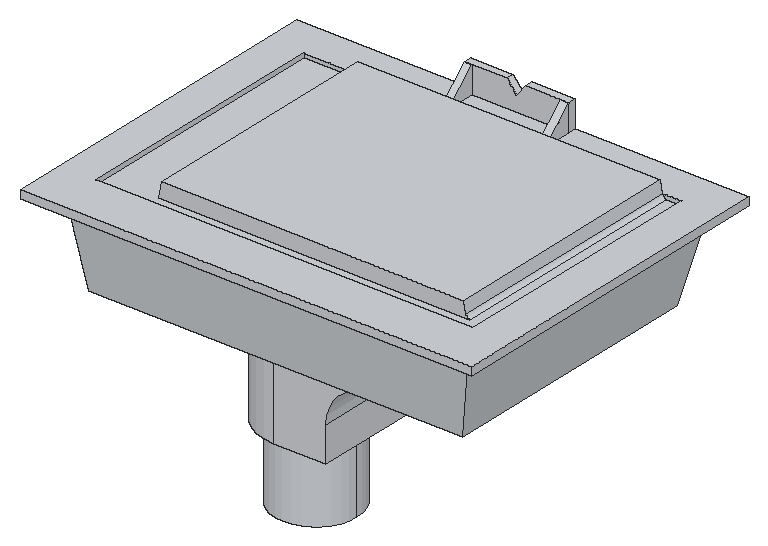
Revit family
Parameters
  Model = "MHY-35"
  Manufacturer = "MIFAB"
  Description = "WALL HYDRANT CAST BOX ASSEMBLY"
Reference planes (in)
  plane 1 "Center (Front/Back)": y = 0
  plane 2: z = 0
  plane 3 "Center (Left/Right)": x = 0
Forms (in)
  Extrusion 1, solid
    sketch origin (0, 0, 0) x (1, 0, 0) y (0, 1, 0)
      loop
        line (-2.5135, 2.7657) -> (-2.5135, -2.8343) -> (4.7865, -2.8343) -> (4.7865, 2.7657) -> (-2.5135, 2.7657)
    from 2.37134 to 2.50134
  Extrusion 2, void
    sketch origin (0, 0, 0) x (1, 0, 0) y (0, 1, 0)
      loop
        line (-1.91952, 2.1657) -> (-1.91952, -2.0468) -> (4.1865, -2.0468) -> (4.1865, 2.1657) -> (-1.91952, 2.1657)
    from 2.42904 to 2.50134
  Extrusion 3, solid
    sketch origin (0, 0, 0) x (1, 0, 0) y (0, 0, 1)
      loop
        line (-1.0125, 2.50134) -> (4.02164, 2.50134)
        arc (4.02164, 2.50134) -> (3.97863, 2.52211) -> (3.95566, 2.56399) r 0.07838
        line (3.95566, 2.56399) -> (3.91999, 2.74754) -> (-0.96909, 2.74754) -> (-1.0125, 2.50134)
    from -2.05945 to 1.90791
  Extrusion 4, solid
    sketch origin (0, 0, 0) x (1, 0, 0) y (0, 0, 1)
      loop
        line (0.2968, 2.50134) -> (1.9762, 2.50134) -> (1.9762, 2.93384) -> (1.28098, 2.93384) -> (1.13208, 2.73242) -> (0.96898, 2.93384) -> (0.2968, 2.93384) -> (0.2968, 2.50134)
    from -2.7657 to -2.6454
  Extrusion 5, solid
    sketch origin (0, 0, 0) x (0, 1, 0) y (0, 0, 1)
      loop
        line (2.6454, 2.93384) -> (2.17714, 2.50134) -> (2.6454, 2.50134) -> (2.6454, 2.93384)
    from 0.2968 to 0.4165
  Extrusion 6, solid
    sketch origin (2.26417, 0, 0) x (0, 1, 0) y (0, 0, -1)
      loop
        line (2.6454, -2.93384) -> (2.6454, -2.50134) -> (2.17714, -2.50134) -> (2.6454, -2.93384)
    from 0.28797 to 0.40767
  Blend 7, solid
    base sketch origin (0, 0, 0) x (1, 0, 0) y (0, 1, 0)
      loop
        line (-1.94407, 2.1657) -> (-1.94407, -2.1657) -> (4.11698, -2.1657) -> (4.11698, 2.1657) -> (-1.94407, 2.1657)
    top sketch origin (0, 0, 0) x (1, 0, 0) y (0, 1, 0)
      loop
        line (-2.11374, 2.44908) -> (-2.11374, -2.42059) -> (4.41549, -2.42059) -> (4.41549, 2.44908) -> (-2.11374, 2.44908)
    from 0.94634 to 2.37134
  Extrusion 8, solid
    sketch origin (0, 0, 0) x (1, 0, 0) y (0, 0, 1)
      loop
        line (0, -1.16766) -> (0.84966, -1.16766) -> (0.84966, -0.59566)
        arc (0.84966, -0.59566) -> (1.05117, -0.10918) -> (1.53766, 0.09234) r 0.688
        line (1.53766, 0.09234) -> (2.43422, 0.09234) -> (2.43422, 0.67439) -> (2.77533, 0.79854) -> (2.77533, 0.94634) -> (0, 0.94634) -> (0, -1.16766)
    from -0.849 to 0.849
  Extrusion 9, solid
    sketch origin (0, 0, 0) x (1, 0, 0) y (0, 1, 0)
      loop
        arc (0, 0.849) -> (-0.849, 0) -> (0, -0.849) r 0.849
        line (0, -0.849) -> (0, 0.849)
    from -1.16766 to 0.94634
  Extrusion 10, solid
    sketch origin (-0.51491, 0, 0) x (1, 0, 0) y (0, 1, 0)
      loop
        circle (0.51951, 0) r 0.66311
    from -2.375 to -1.16766
Cuts and joins
  Extrusion 2 cuts Extrusion 1
  joined: Extrusion 8, Extrusion 9
Lines and regions (in)
  model lines
    curve 1: line (4.41549, -0.09985, 2.28575) -> (-2.11374, -0.09985, 2.28575)
Dimensions and locks (in)
  equal spacing: cut or joined group of Extrusion 1, Extrusion 2, plane 1 "Center (Front/Back)", Blend 7 sketch curve
  aligned and locked: Extrusion 8 sketch curve to Blend 7
